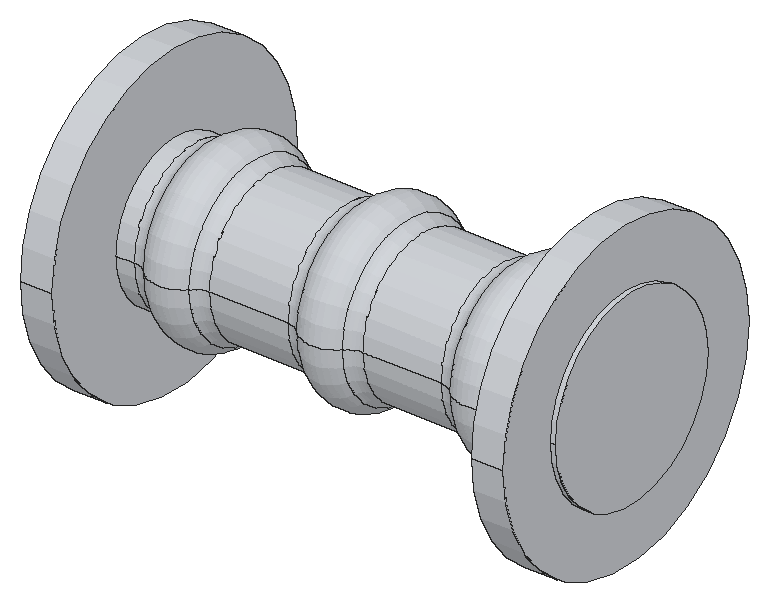
Revit family "ピュアジョイント 50A", category Pipe Accessories, Revit 2024
Family settings
  Round Connector Dimension = Use Diameter
  Part Type = Inline Sensor
  Work Plane-Based = No
  Always vertical = Yes
  Cut with Voids When Loaded = No
  Shared = No
Parameters
  Default Elevation = 0 mm
  DN = 50 mm
Reference planes
  plane 1 "Center (Front/Back)": y = 0
  plane 2: z = 0
  plane 3 "Center (Left/Right)": x = 0
Forms (mm)
  Extrusion 1, solid
    sketch origin (0, 0, 0) x (0, 1, 0) y (0, 0, 1)
      loop
        circle (0, 0) r 48
    from 122 to 125
  Extrusion 2, solid
    sketch origin (0, 0, 0) x (0, 1, 0) y (0, 0, 1)
      loop
        circle (0, 0) r 48
    from -125 to -122
  Extrusion 3, solid
    sketch origin (0, 0, 0) x (0, 1, 0) y (0, 0, 1)
      loop
        circle (0, 0) r 77.5
    from -122 to -106
  Extrusion 4, solid
    sketch origin (0, 0, 0) x (0, 1, 0) y (0, 0, 1)
      loop
        circle (0, 0) r 77.5
    from 106 to 122
  Revolve 5, solid
    sketch origin (0, 0, 0) x (1, 0, 0) y (0, 1, 0)
      loop
        line (-96.521, 37.5) -> (-106, 37.5) -> (-106, 0) -> (106, 0) -> (106, 37.5) -> (96.521, 37.5)
        arc (96.521, 37.5) -> (92.442, 38.37) -> (89.072, 40.827) r 10
        arc (89.072, 40.827) -> (77.5, 45.997) -> (65.928, 40.827) r 15.537
        arc (65.928, 40.827) -> (62.558, 38.37) -> (58.479, 37.5) r 10
        line (58.479, 37.5) -> (19.02, 37.5)
        arc (19.02, 37.5) -> (14.942, 38.37) -> (11.572, 40.827) r 10
        arc (11.572, 40.827) -> (0, 45.997) -> (-11.572, 40.827) r 15.537
        arc (-11.572, 40.827) -> (-14.942, 38.37) -> (-19.021, 37.5) r 10
        line (-19.021, 37.5) -> (-58.479, 37.5)
        arc (-58.479, 37.5) -> (-62.558, 38.37) -> (-65.928, 40.827) r 10
        arc (-65.928, 40.827) -> (-77.5, 45.997) -> (-89.072, 40.827) r 15.537
        arc (-89.072, 40.827) -> (-92.442, 38.37) -> (-96.521, 37.5) r 10
      axis (106, 0) -> (-106, 0)
    angle from 0 to 360
Dimensions and locks
  aligned and locked: level to plane 2
  aligned and locked: Extrusion 2 to Extrusion 3
  aligned and locked: Extrusion 1 to Extrusion 4
  aligned and locked: Revolve 5 to Extrusion 3
  aligned and locked: Extrusion 4 to Revolve 5
Connectors
  piping at (-122, 0, 0), diameter 50, driven by "DN"
    settings: on Extrusion 2, index 1, connector inside diameter 609.6 mm, connector length 0 mm, flow factor 0, pipe flow 0.0 L/s, pressure drop 0.0 Pa, fitting loss kfactor 0, connector angle 0.00°, fixture units 0, engagement length 0 mm, angle of deflection 0.00°, flow configuration 0, flow direction 0, fitting loss method 0, system type 7, joint type 0, gender type 0, connector reference index -1, connector utility 0, adjustable connector no, is connector primary yes, connector description ""
  piping at (125, 0, 0), diameter 50, driven by "DN"
    settings: on Extrusion 1, index 2, connector inside diameter 609.6 mm, connector length 0 mm, flow factor 0, pipe flow 0.0 L/s, pressure drop 0.0 Pa, fitting loss kfactor 0, connector angle 0.00°, fixture units 0, engagement length 0 mm, angle of deflection 0.00°, flow configuration 0, flow direction 0, fitting loss method 0, system type 7, joint type 0, gender type 0, connector reference index -1, connector utility 0, adjustable connector no, is connector primary no, connector description ""
